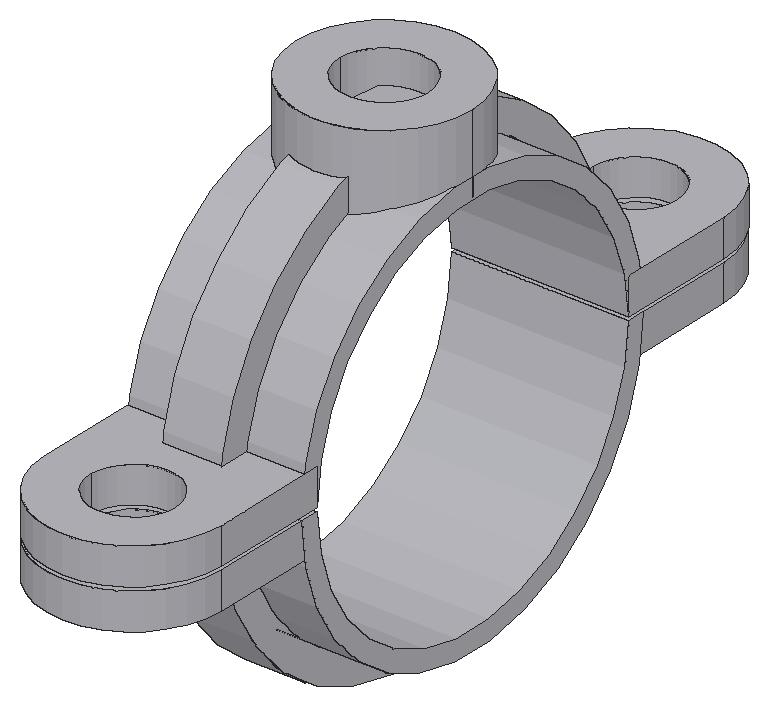
Revit family "7001S", category Pipe Accessories, Revit 2018
Family settings
  Round Connector Dimension = Use Diameter
  Part Type = Valve - Breaks Into
  Work Plane-Based = No
  Always vertical = Yes
  Cut with Voids When Loaded = No
  Shared = No
Parameters (values of type "7001S Split Ring")
  Weight [instance] = size_lookup(LookupTable, "Weight", "NA", Nominal Diameter)  # "0.17 lbs."
  W3 [instance] = W1 / 2  # 0.375"
  W2 [instance] = 0.250"  # constant formula
  W1 [instance] = size_lookup(LookupTable, "W1", 0.000", Nominal Diameter)  # 0.750"
  URL = "http://www.fnw.com"
  Standards Lookup Table = "Standards"  # constant formula
  RodSize [instance] = size_lookup(LookupTable, "RodSize", 0.000", Nominal Diameter)  # 0.1875"
  RodOuter [instance] = W1 / 2  # 0.375"
  R2 [instance] = size_lookup(LookupTable, "R2", 0.000", Nominal Diameter)  # 1.03375"
  R1 [instance] = size_lookup(LookupTable, "R1", 0.000", Nominal Diameter)  # 0.9075"
  Product ID [instance] = size_lookup(LookupTable, "ProductID", "NA", Nominal Diameter)  # "4913744"
  Pipe Diameter [instance] = size_lookup(Standards Lookup Table, "pipe_dia", 0.000", Nominal Diameter)  # 1.660"
  Part Number [instance] = size_lookup(LookupTable, "PartNumber", "NA", Nominal Diameter)  # "FNW7001SH"
  PIpe Radius [instance] = Pipe Diameter / 2  # 0.830"
  Nominal Diameter [instance] = 1 1/4"
  MT1 [instance] = size_lookup(LookupTable, "MT1", 0.000", Nominal Diameter)  # 0.155"
  LookupTable = "7001S Split Ring"  # constant formula
  HSR [instance] = size_lookup(LookupTable, "HSR_dia", 0.000", Nominal Diameter)  # 0.180"
  H1 [instance] = size_lookup(LookupTable, "H1_length", 0.000", Nominal Diameter)  # 1.160"
  Description BOM [instance] = size_lookup(LookupTable, "Description_BOM", "NA", Nominal Diameter)  # "1-1/4 7001S Split ring"
  A [instance] = 0.016"  # constant formula
  C [instance] = size_lookup(LookupTable, "C", 0.000", Nominal Diameter)  # 1.605"
  B [instance] = size_lookup(LookupTable, "B", 0.000", Nominal Diameter)  # 1.335"
Reference planes (in)
  plane 1 "Center (Front/Back)": y = 0
  plane 2: z = 0
  plane 3 "Center (Left/Right)": x = 0
  plane 4: z = 0.163
  plane 5: z = 0.008
  plane 6: z = -0.163
  plane 7: z = -0.008
  plane 8: y = -1.605
  plane 9: y = 1.605
  plane 10: y = -1.335
  plane 11: x = -0.375
  plane 12: x = 0.375
  plane 13: y = 1.335
  plane 14: x = -0.125
  plane 15: x = 0.125
Forms (in)
  Extrusion 1, solid, material "Steel, Stainless"
    sketch origin (0, 0, 0) x (0, 1, 0) y (0, 0, 1)
      loop
        arc (-0.90746, -0.008) -> (0, -0.9075) -> (0.90746, -0.008) r 0.9075
        line (0.90746, -0.008) -> (0.82985, -0.008)
        arc (0.82985, -0.008) -> (0, -0.822) -> (-0.82985, -0.008) r 0.83
        line (-0.82985, -0.008) -> (-0.90746, -0.008)
      loop
        line (-0.90746, 0.008) -> (-0.82985, 0.008)
        arc (-0.82985, 0.008) -> (0, 0.822) -> (0.82985, 0.008) r 0.83
        line (0.82985, 0.008) -> (0.90746, 0.008)
        arc (0.90746, 0.008) -> (0, 0.9075) -> (-0.90746, 0.008) r 0.9075
    from -0.375 to 0.375
  Extrusion 2, solid, material "Steel, Stainless"
    sketch origin (0, 0, 0) x (0, 1, 0) y (0, 0, 1)
      loop
        circle (0, 0) r 1.03375
      loop
        circle (0, 0) r 0.9075
    from -0.125 to 0.125
  Extrusion 3, solid, material "Steel, Stainless"
    sketch origin (0, 0, 0) x (1, 0, 0) y (0, 1, 0)
      loop
        circle (0, 0) r 0.375
      loop
        circle (0, 0) r 0.1875
    from 0.83 to 1.16
  Extrusion 4, solid, material "Steel, Stainless"
    sketch origin (0, 0, 0) x (1, 0, 0) y (0, 1, 0)
      loop
        line (-0.375, 0.83) -> (0.375, 0.83) -> (0.375, 1.335)
        arc (0.375, 1.335) -> (0, 1.71) -> (-0.375, 1.335) r 0.375
        line (-0.375, 1.335) -> (-0.375, 0.83)
      loop
        circle (0, 1.335) r 0.18
      loop
        line (-0.375, -0.83) -> (-0.375, -1.335)
        arc (-0.375, -1.335) -> (0, -1.71) -> (0.375, -1.335) r 0.375
        line (0.375, -1.335) -> (0.375, -0.83) -> (-0.375, -0.83)
      loop
        circle (0, -1.335) r 0.18
    from 0.008 to 0.163
  Extrusion 5, solid, material "Steel, Stainless"
    sketch origin (0, 0, 0) x (1, 0, 0) y (0, 1, 0)
      loop
        line (-0.375, 0.83) -> (0.375, 0.83) -> (0.375, 1.335)
        arc (0.375, 1.335) -> (0, 1.71) -> (-0.375, 1.335) r 0.375
        line (-0.375, 1.335) -> (-0.375, 0.83)
      loop
        circle (0, 1.335) r 0.18
      loop
        line (-0.375, -0.83) -> (-0.375, -1.335)
        arc (-0.375, -1.335) -> (0, -1.71) -> (0.375, -1.335) r 0.375
        line (0.375, -1.335) -> (0.375, -0.83) -> (-0.375, -0.83)
      loop
        circle (0, -1.335) r 0.18
    from -0.163 to -0.008
Lines and regions (in)
  model lines, style "center"
    curve 1: circle (0, 0, 0) r 0.83 normal (1, 0, 0)
    curve 2: line (0, -1.605, 0) -> (0, 1.605, 0)
    curve 3: line (0, 0, 1.985) -> (0, 0, -1.985)
Text (in)
  text "2\" shown" at (0, 3.05506, -2.85058), in view "Right"
Dimensions and locks (in)
  "MT1": plane 6 to plane 7
  "MT1": plane 4 to plane 5
  "C": plane 8 to plane 1 "Center (Front/Back)"
  "C": plane 1 "Center (Front/Back)" to plane 9
  "B": plane 10 to plane 1 "Center (Front/Back)"
  equal spacing: plane 5, plane 2, plane 7
  "A": plane 5 to plane 7
  equal spacing: plane 11, plane 3 "Center (Left/Right)", plane 12
  "W1": plane 11 to plane 12
  equal spacing: curve 3, plane 2, curve 3
  "B": plane 13 to plane 1 "Center (Front/Back)"
  equal spacing: plane 14, plane 3 "Center (Left/Right)", plane 15
  "W2": plane 14 to plane 15
  "PIpe Radius": Extrusion 3 to plane 2
  "H1": Extrusion 3 to plane 2
  "PIpe Radius": plane 1 "Center (Front/Back)" to Extrusion 4 sketch curve
  "PIpe Radius": Extrusion 4 sketch curve to plane 1 "Center (Front/Back)"
  "PIpe Radius": radius of curve 1
  "R1": radius of Extrusion 2 sketch curve
  "R2": radius of Extrusion 2 sketch curve
  "RodSize": radius of Extrusion 3 sketch curve
  "RodOuter": radius of Extrusion 3 sketch curve
  "PIpe Radius": radius of Extrusion 1 sketch curve  (x2)
  "R1": radius of Extrusion 1 sketch curve  (x2)
  "W3": radius of Extrusion 4 sketch curve  (x2)
  "HSR": radius of Extrusion 4 sketch curve  (x2)
  "W3": radius of Extrusion 5 sketch curve  (x2)
  "HSR": radius of Extrusion 5 sketch curve  (x2)
  aligned and locked: plane 2 to level
  aligned and locked: plane 12 to Extrusion 1
  aligned and locked: Extrusion 1 to plane 11
  aligned and locked: plane 8 to curve 2
  aligned and locked: Extrusion 2 to plane 14
  aligned and locked: plane 15 to Extrusion 2
  aligned and locked: plane 7 to Extrusion 1 sketch curve
  aligned and locked: Extrusion 1 sketch curve to plane 5
  aligned and locked: Extrusion 1 sketch curve to plane 7
  aligned and locked: plane 5 to Extrusion 1 sketch curve
  aligned and locked: Extrusion 4 sketch curve to plane 11
  aligned and locked: plane 12 to Extrusion 4 sketch curve
  aligned and locked: Extrusion 4 sketch curve to plane 12
  aligned and locked: plane 11 to Extrusion 4 sketch curve
  aligned and locked: plane 4 to Extrusion 4
  aligned and locked: Extrusion 4 to plane 5
  aligned and locked: plane 6 to Extrusion 5
  aligned and locked: Extrusion 5 to plane 7
  aligned and locked: Extrusion 5 to Extrusion 4
  aligned and locked: Extrusion 4 to Extrusion 5
Automatic sketch dimensions
  curve 2 to level = 0.000"
  curve 2 to plane 8 = 0.000"
  curve 3 to plane 1 "Center (Front/Back)" = 0.000"
  curve 1 to level = 0.000"
  curve 1 to plane 1 "Center (Front/Back)" = 0.000"
  curve 2 to plane 9 = 0.000"
  plane 6 to curve 3 = 1.822"
  Extrusion 1 sketch curve to Extrusion 1 sketch curve = 0.000"  (x2)
  Extrusion 1 sketch curve to plane 1 "Center (Front/Back)" = 0.000"  (x3)
  Extrusion 1 sketch curve to level = 0.000"
  plane 7 to Extrusion 1 sketch curve = 0.000"
  Extrusion 1 sketch curve to plane 5 = 0.000"
  Extrusion 2 sketch curve to Extrusion 2 sketch curve = 0.000"  (x2)
  Extrusion 2 sketch curve to level = 0.000"
  Extrusion 2 sketch curve to plane 1 "Center (Front/Back)" = 0.000"
  Extrusion 3 sketch curve to Extrusion 3 sketch curve = 0.000"  (x2)
  plane 1 "Center (Front/Back)" to Extrusion 3 sketch curve = 0.000"
  Extrusion 3 sketch curve to plane 3 "Center (Left/Right)" = 0.000"
  Extrusion 4 sketch curve to Extrusion 4 sketch curve = 0.000"  (x4)
  Extrusion 4 sketch curve to plane 10 = 0.000"
  plane 13 to Extrusion 4 sketch curve = 0.000"
  Extrusion 5 sketch curve to Extrusion 5 sketch curve = 0.000"  (x4)
  Extrusion 5 sketch curve to plane 11 = 0.000"  (x2)
  Extrusion 5 sketch curve to plane 10 = 0.000"
  plane 13 to Extrusion 5 sketch curve = 0.000"
  plane 1 "Center (Front/Back)" to Extrusion 5 sketch curve = 0.830"
  Extrusion 5 sketch curve to plane 1 "Center (Front/Back)" = 0.830"
